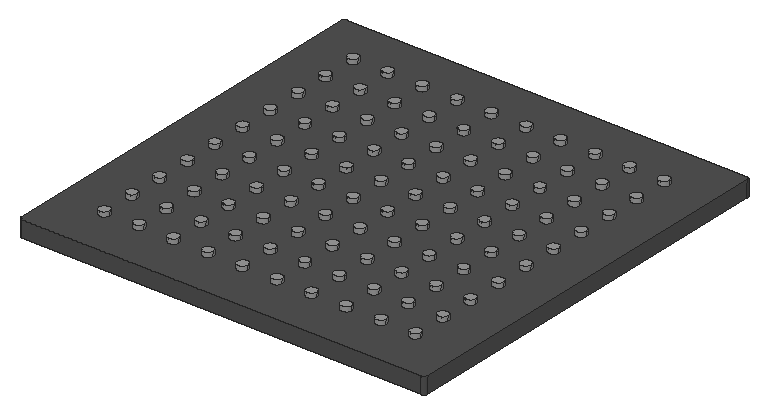
Revit family "Reece_Shower_Mizu_Bloc_Showerhead_Overhead_1 Function_200 mm", category Plumbing Fixtures, host Face, Revit 2018
Family settings
  Host = Face
  Round Connector Dimension = Use Diameter
  Part Type = Normal
  Cut with Voids When Loaded = No
  Shared = Yes
  Room Calculation Point = Yes
Parameters (values of type "Matte Black")
  WFU = 0  # constant formula
  URL = "https://www.reece.com.au/product/-9505043"
  Type Comments = "Shower"
  Reece_Shower_Inlet = 12 mm  # constant formula
  Reece_Product_Web Page = "https://www.reece.com.au/product/-9505043"
  Reece_Product_Type = "Shower"  # constant formula
  Reece_Product_Sub Brand = "Bloc"  # constant formula
  Reece_Product_Number = "9505043"
  Reece_Product_Mount = "Ceiling Mounted"
  Reece_Product_Description = "Mizu Bloc Overhead Shower 200mm Matte Black (3 Star)"
  Reece_Product_Brand = "Mizu"  # constant formula
  Reece_Overall_Width = 200 mm  # constant formula
  Reece_Overall_Length = 200 mm  # constant formula
  Reece_Overall_Height = 54 mm  # constant formula
  Reece_Material_Secondary [instance] = Reece_Plastic_ABS
  Reece_Material_Main [instance] = Reece_Brass_Matte Black
  Reece_Detail_Shape = "Square"  # constant formula
  Reece_Detail_Installation = "Min 16mm ceiling"  # constant formula
  Reece_Detail_Function = "1 Function"  # constant formula
  Reece_Detail_Disclaimer = "THIS FILE IS THE PROPERTY OF THE REECE GROUP. IT MAY NOT BE REPRODUCED, REVERSE-ENGINEERED OR MODIFIED. ANY REPUBLICATION, TRANSMISSION OR DISTRIBUTION FOR THE PURPOSE OF COMMERCIALLY EXPLOITING THE FILES IS PROHIBITED."  # constant formula
  Reece_Detail_Additional = "Overhead"  # constant formula
  Model = "Bloc"
  Manufacturer = "Mizu"
  Keynote = "Product #9505043, Reece_Shower_Mizu_Bloc_Showerhead_Overhead_1 Function_200 mm - Matte Black"
  HWFU = 0  # constant formula
  Disclaimer = "THIS FILE IS THE PROPERTY OF THE REECE GROUP. IT MAY NOT BE REPRODUCED, REVERSE-ENGINEERED OR MODIFIED. ANY REPUBLICATION, TRANSMISSION OR DISTRIBUTION FOR THE PURPOSE OF COMMERCIALLY EXPLOITING THE FILES IS PROHIBITED."  # constant formula
  Description = "Mizu Bloc Overhead Shower 200mm Matte Black (3 Star)"
  Default Elevation = 0 mm
  CWFU = 0  # constant formula
Types (2, lengths in mm): name | URL | Reece_Product_Web Page | Reece_Product_Number | Reece_Product_Description | Reece_Material_Main | Keynote | Description
  Matte Black | "https://www.reece.com.au/product/-9505043" | "https://www.reece.com.au/product/-9505043" | "9505043" | "Mizu Bloc Overhead Shower 200mm Matte Black (3 Star)" | Reece_Brass_Matte Black | "Product #9505043, Reece_Shower_Mizu_Bloc_Showerhead_Overhead_1 Function_200 mm - Matte Black" | "Mizu Bloc Overhead Shower 200mm Matte Black (3 Star)"
  Chrome | "https://www.reece.com.au/product/-9505041" | "https://www.reece.com.au/product/-9505041" | "9505041" | "Mizu Bloc Overhead Shower 200mm Chrome (3 Star)" | Reece_Brass_Chrome | "Product #9505041, Reece_Shower_Mizu_Bloc_Showerhead_Overhead_1 Function_200 mm - Chrome" | "Mizu Bloc Overhead Shower 200mm Chrome (3 Star)"
Reference planes
  plane 1 "Center (Front/Back)": y = 0
  plane 2: z = 0
  plane 3 "Center (Left/Right)": x = 0
  plane 4 "Overall Height": z = 56
  plane 5: x = -100
  plane 6: x = 100
  plane 7: y = 100
  plane 8: y = -100
  plane 9 "Center L/W": z = 54
  plane 10: y = 112.5
  plane 11: y = -112.5
Forms (mm)
  Extrusion 1, solid, material "Reece_Brass_Matte Black" <- "Reece_Material_Main"
    sketch origin (0, 0, 67.515) x (0, -1, 0) y (1, 0, 0)
      loop
        arc (-100, -98.2) -> (-99.473, -99.473) -> (-98.2, -100) r 1.8
        line (-98.2, -100) -> (98.2, -100)
        arc (98.2, -100) -> (99.473, -99.473) -> (100, -98.2) r 1.8
        line (100, -98.2) -> (100, 98.2)
        arc (100, 98.2) -> (99.473, 99.473) -> (98.2, 100) r 1.8
        line (98.2, 100) -> (-98.2, 100)
        arc (-98.2, 100) -> (-99.473, 99.473) -> (-100, 98.2) r 1.8
        line (-100, 98.2) -> (-100, -98.2)
    from -21.415 to -13.415
  Extrusion 2, solid, material "Reece_Plastic_ABS" <- "Reece_Material_Secondary", detail levels fine
    sketch origin (0, 0, 52.1) x (1, 0, 0) y (0, 1, 0)
      loop
        circle (-76.5, 76.5) r 2.5
      loop
        circle (-59.5, 76.5) r 2.5
      loop
        circle (-42.5, 76.5) r 2.5
      loop
        circle (-25.5, 76.5) r 2.5
      loop
        circle (-8.5, 76.5) r 2.5
      loop
        circle (-76.5, 59.5) r 2.5
      loop
        circle (-59.5, 59.5) r 2.5
      loop
        circle (-42.5, 59.5) r 2.5
      loop
        circle (-25.5, 59.5) r 2.5
      loop
        circle (-8.5, 59.5) r 2.5
      loop
        circle (-76.5, 42.5) r 2.5
      loop
        circle (-59.5, 42.5) r 2.5
      loop
        circle (-42.5, 42.5) r 2.5
      loop
        circle (-25.5, 42.5) r 2.5
      loop
        circle (-8.5, 42.5) r 2.5
      loop
        circle (-76.5, 25.5) r 2.5
      loop
        circle (-59.5, 25.5) r 2.5
      loop
        circle (-42.5, 25.5) r 2.5
      loop
        circle (-25.5, 25.5) r 2.5
      loop
        circle (-8.5, 25.5) r 2.5
      loop
        circle (-76.5, 8.5) r 2.5
      loop
        circle (-59.5, 8.5) r 2.5
      loop
        circle (-42.5, 8.5) r 2.5
      loop
        circle (-25.5, 8.5) r 2.5
      loop
        circle (-8.5, 8.5) r 2.5
      loop
        circle (76.5, 76.5) r 2.5
      loop
        circle (59.5, 76.5) r 2.5
      loop
        circle (42.5, 76.5) r 2.5
      loop
        circle (25.5, 76.5) r 2.5
      loop
        circle (8.5, 76.5) r 2.5
      loop
        circle (76.5, 59.5) r 2.5
      loop
        circle (59.5, 59.5) r 2.5
      loop
        circle (42.5, 59.5) r 2.5
      loop
        circle (25.5, 59.5) r 2.5
      loop
        circle (8.5, 59.5) r 2.5
      loop
        circle (76.5, 42.5) r 2.5
      loop
        circle (59.5, 42.5) r 2.5
      loop
        circle (42.5, 42.5) r 2.5
      loop
        circle (25.5, 42.5) r 2.5
      loop
        circle (8.5, 42.5) r 2.5
      loop
        circle (76.5, 25.5) r 2.5
      loop
        circle (59.5, 25.5) r 2.5
      loop
        circle (42.5, 25.5) r 2.5
      loop
        circle (25.5, 25.5) r 2.5
      loop
        circle (8.5, 25.5) r 2.5
      loop
        circle (76.5, 8.5) r 2.5
      loop
        circle (59.5, 8.5) r 2.5
      loop
        circle (42.5, 8.5) r 2.5
      loop
        circle (25.5, 8.5) r 2.5
      loop
        circle (8.5, 8.5) r 2.5
      loop
        circle (-76.5, -76.5) r 2.5
      loop
        circle (-59.5, -76.5) r 2.5
      loop
        circle (-42.5, -76.5) r 2.5
      loop
        circle (-25.5, -76.5) r 2.5
      loop
        circle (-8.5, -76.5) r 2.5
      loop
        circle (-76.5, -59.5) r 2.5
      loop
        circle (-59.5, -59.5) r 2.5
      loop
        circle (-42.5, -59.5) r 2.5
      loop
        circle (-25.5, -59.5) r 2.5
      loop
        circle (-8.5, -59.5) r 2.5
      loop
        circle (-76.5, -42.5) r 2.5
      loop
        circle (-59.5, -42.5) r 2.5
      loop
        circle (-42.5, -42.5) r 2.5
      loop
        circle (-25.5, -42.5) r 2.5
      loop
        circle (-8.5, -42.5) r 2.5
      loop
        circle (-76.5, -25.5) r 2.5
      loop
        circle (-59.5, -25.5) r 2.5
      loop
        circle (-42.5, -25.5) r 2.5
      loop
        circle (-25.5, -25.5) r 2.5
      loop
        circle (-8.5, -25.5) r 2.5
      loop
        circle (-76.5, -8.5) r 2.5
      loop
        circle (-59.5, -8.5) r 2.5
      loop
        circle (-42.5, -8.5) r 2.5
      loop
        circle (-25.5, -8.5) r 2.5
      loop
        circle (-8.5, -8.5) r 2.5
      loop
        circle (76.5, -76.5) r 2.5
      loop
        circle (59.5, -76.5) r 2.5
      loop
        circle (42.5, -76.5) r 2.5
      loop
        circle (25.5, -76.5) r 2.5
      loop
        circle (8.5, -76.5) r 2.5
      loop
        circle (76.5, -59.5) r 2.5
      loop
        circle (59.5, -59.5) r 2.5
      loop
        circle (42.5, -59.5) r 2.5
      loop
        circle (25.5, -59.5) r 2.5
      loop
        circle (8.5, -59.5) r 2.5
      loop
        circle (76.5, -42.5) r 2.5
      loop
        circle (59.5, -42.5) r 2.5
      loop
        circle (42.5, -42.5) r 2.5
      loop
        circle (25.5, -42.5) r 2.5
      loop
        circle (8.5, -42.5) r 2.5
      loop
        circle (76.5, -25.5) r 2.5
      loop
        circle (59.5, -25.5) r 2.5
      loop
        circle (42.5, -25.5) r 2.5
      loop
        circle (25.5, -25.5) r 2.5
      loop
        circle (8.5, -25.5) r 2.5
      loop
        circle (76.5, -8.5) r 2.5
      loop
        circle (59.5, -8.5) r 2.5
      loop
        circle (42.5, -8.5) r 2.5
      loop
        circle (25.5, -8.5) r 2.5
      loop
        circle (8.5, -8.5) r 2.5
    from 2 to 3.9
  Revolve 3, solid, material "Reece_Brass_Matte Black" <- "Reece_Material_Main"
    sketch origin (0, 0, 0) x (1, 0, 0) y (0, 0, 1)
      loop
        line (19, 46) -> (0, 46) -> (0, 0) -> (12, 0) -> (12, 15) -> (8, 15) -> (8, 18.5)
        arc (8, 18.5) -> (8.362, 18.794) -> (8.714, 19.1) r 13
        line (8.714, 19.1) -> (14.533, 19.1)
        arc (14.533, 19.1) -> (15.924, 19.676) -> (16.5, 21.067) r 1.967
        line (16.5, 21.067) -> (16.5, 42) -> (18.495, 42)
        arc (18.495, 42) -> (18.852, 42.148) -> (19, 42.505) r 0.505
        line (19, 42.505) -> (19, 46)
      axis (0, 46) -> (0, 0)
    angle from 0 to 360
  Extrusion 4, void
    sketch origin (0, 0, 0) x (1, 0, 0) y (0, 0, 1)
      loop
        line (-5.657, 24.1) -> (-5.657, 18.5) -> (5.657, 18.5) -> (5.657, 24.1) -> (-5.657, 24.1)
    from 15.328 to 16.956
  Extrusion 5, void
    sketch origin (0, 0, 0) x (1, 0, 0) y (0, 0, -1)
      loop
        line (-5.657, -24.1) -> (5.657, -24.1) -> (5.657, -18.5) -> (-5.657, -18.5) -> (-5.657, -24.1)
    from 15.328 to 16.956
  Extrusion 6, void
    sketch origin (0, 0, 0) x (1, 0, 0) y (0, 0, 1)
      loop
        line (-4.039, 8) -> (-4.039, 0) -> (4.039, 0) -> (4.039, 8) -> (-4.039, 8)
    from 10.935 to 12.992
  Extrusion 7, void
    sketch origin (0, 0, 0) x (1, 0, 0) y (0, 0, -1)
      loop
        line (-4.039, -8) -> (4.039, -8) -> (4.039, 0) -> (-4.039, 0) -> (-4.039, -8)
    from 10.935 to 12.992
Cuts and joins
  Extrusion 4, Extrusion 5, Extrusion 6, Extrusion 7 cuts Revolve 3
  joined: Extrusion 1, Revolve 3
Text (mm)
  text "Reece Copyright © 2018, Reece Ltd." at (-684.407, -223.434, 0), in view "Ref. Level"
  text "Reece ©" at (290.323, 26.521, 334.836), in view "Reece_Preview"
Dimensions and locks
  equal spacing: plane 8, plane 1 "Center (Front/Back)", plane 7
  equal spacing: plane 5, plane 3 "Center (Left/Right)", plane 6
  "Reece_Overall_Length": plane 5 to plane 6
  "Reece_Overall_Width": plane 7 to plane 8
  "Reece_Overall_Height": plane 9 "Center L/W" to plane 2
  plane 4 "Overall Height" to plane 9 "Center L/W" = 2 mm
  plane 11 to plane 10 = 225 mm  (x2)
  aligned and locked: host face to plane 2
  aligned and locked: level to host face
  aligned and locked: plane 4 "Overall Height" to Extrusion 2
Automatic sketch dimensions
  host sketch curve to host sketch curve = 400 mm  (x2)
  Extrusion 1 sketch curve to plane 7 = 0 mm
  Extrusion 1 sketch curve to plane 6 = 0 mm
  Extrusion 1 sketch curve to plane 5 = 0 mm
  plane 8 to Extrusion 1 sketch curve = 0 mm
  Extrusion 1 sketch curve to plane 7 = 1.8 mm
  plane 5 to Extrusion 1 sketch curve = 1.8 mm
  Extrusion 1 sketch curve to plane 8 = 1.8 mm  (x2)
  plane 5 to Extrusion 2 sketch curve = 23.5 mm  (x2)
  plane 1 "Center (Front/Back)" to Extrusion 2 sketch curve = 8.5 mm  (x10)
  Extrusion 2 sketch curve to Extrusion 2 sketch curve = 0 mm  (x80)
  Extrusion 2 sketch curve to Extrusion 2 sketch curve = 17 mm  (x78)
  Extrusion 2 sketch curve to plane 3 "Center (Left/Right)" = 8.5 mm  (x10)
  plane 3 "Center (Left/Right)" to Extrusion 2 sketch curve = 8.5 mm  (x10)
  Extrusion 2 sketch curve to plane 1 "Center (Front/Back)" = 8.5 mm  (x10)
  Revolve 3 sketch curve to plane 3 "Center (Left/Right)" = 0 mm  (x3)
  Revolve 3 sketch curve to level = 0 mm
  plane 3 "Center (Left/Right)" to Revolve 3 sketch curve = 8 mm
  Revolve 3 sketch curve to Revolve 3 sketch curve = 0.714 mm
  plane 3 "Center (Left/Right)" to Revolve 3 sketch curve = 12 mm
  Revolve 3 sketch curve to Revolve 3 sketch curve = 2.533 mm
  Revolve 3 sketch curve to Revolve 3 sketch curve = 1.967 mm
  Revolve 3 sketch curve to Revolve 3 sketch curve = 1.995 mm
  Revolve 3 sketch curve to Revolve 3 sketch curve = 0.505 mm
  level to Revolve 3 sketch curve = 15 mm
  Revolve 3 sketch curve to Revolve 3 sketch curve = 3.5 mm
  Revolve 3 sketch curve to Revolve 3 sketch curve = 4.1 mm
  Revolve 3 sketch curve to plane 9 "Center L/W" = 12 mm
  Revolve 3 sketch curve to plane 9 "Center L/W" = 8 mm
  Revolve 3 sketch curve to Revolve 3 sketch curve = 58.795 mm
  plane 4 "Overall Height" to Revolve 3 sketch curve = 22.048 mm
  Extrusion 4 sketch curve to plane 3 "Center (Left/Right)" = 5.657 mm
  plane 3 "Center (Left/Right)" to Extrusion 4 sketch curve = 5.657 mm
  level to Extrusion 4 sketch curve = 18.5 mm
  Extrusion 4 sketch curve to Extrusion 4 sketch curve = 5.6 mm
  Extrusion 5 sketch curve to plane 3 "Center (Left/Right)" = 5.657 mm
  plane 3 "Center (Left/Right)" to Extrusion 5 sketch curve = 5.657 mm
  level to Extrusion 5 sketch curve = 24.1 mm
  Extrusion 5 sketch curve to Extrusion 5 sketch curve = 5.6 mm
  Extrusion 6 sketch curve to level = 0 mm
  Extrusion 6 sketch curve to plane 3 "Center (Left/Right)" = 4.039 mm
  plane 3 "Center (Left/Right)" to Extrusion 6 sketch curve = 4.039 mm
  Extrusion 6 sketch curve to Extrusion 6 sketch curve = 8 mm
  Extrusion 7 sketch curve to level = 0 mm
  Extrusion 7 sketch curve to plane 3 "Center (Left/Right)" = 4.039 mm
  plane 3 "Center (Left/Right)" to Extrusion 7 sketch curve = 4.039 mm
  Extrusion 7 sketch curve to Extrusion 7 sketch curve = 8 mm
  radius of Extrusion 2 sketch curve = 2.5 mm  (x100)
Connectors
  piping at (0, -6.353, 0), diameter 12, driven by "Reece_Shower_Inlet"
    settings: on cut or joined group of Extrusion 1, Revolve 3, Extrusion 4, Extrusion 5, Extrusion 6, Extrusion 7, index 1, connector inside diameter 609.6 mm, connector length 0 mm, flow factor 0, pipe flow 0.0 L/s, pressure drop 0.0 Pa, fitting loss kfactor 0, connector angle 0.00°, fixture units 0, engagement length 0 mm, angle of deflection 0.00°, flow configuration 0, flow direction 1, fitting loss method 0, system type 29, joint type 0, gender type 0, connector reference index -1, connector utility 0, adjustable connector no, is connector primary yes, connector description ""
